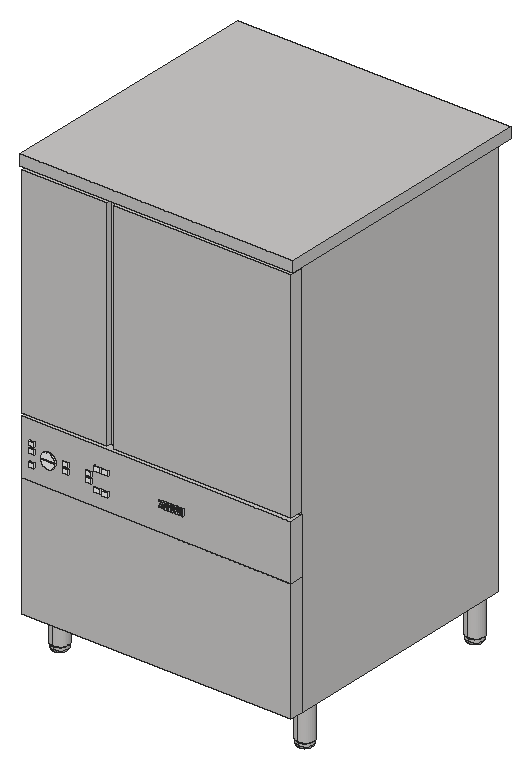
Revit family "QF_ELECTROLUXPROFESSIONAL_727897_RBC102", category Specialty Equipment, Revit 2018 (continued)
Definition of nested family "ZAN_Logo_S_Grey"
  Forms (mm)
    Extrusion 2, solid
      sketch origin (17.793, -46.218, 0) x (-1, 0, 0) y (0, -1, 0)
        loop
          spline (-7.405, -50.64) -> (-7.41, -51.031) -> (-7.423, -51.432) -> (-7.44, -51.839) -> (-7.456, -52.251) -> (-7.469, -52.665) -> (-7.475, -53.079) -> (-7.468, -53.489) -> (-7.446, -53.894) -> (-7.404, -54.291) -> (-7.339, -54.679) -> (-7.247, -55.053) -> (-7.123, -55.412)
          spline (-7.123, -55.412) -> (-6.999, -55.693) -> (-6.837, -55.97) -> (-6.643, -56.244) -> (-6.422, -56.509) -> (-6.177, -56.765) -> (-5.913, -57.009) -> (-5.634, -57.238) -> (-5.346, -57.45) -> (-5.051, -57.643) -> (-4.755, -57.814) -> (-4.462, -57.96) -> (-4.176, -58.079)
        loop
          spline (-21.021, -55.552) -> (-20.633, -56.181) -> (-20.177, -56.736) -> (-19.661, -57.217) -> (-19.092, -57.627) -> (-18.478, -57.966) -> (-17.827, -58.237) -> (-17.147, -58.441) -> (-16.446, -58.578) -> (-15.73, -58.652) -> (-15.009, -58.662) -> (-14.29, -58.611) -> (-13.581, -58.5)
          spline (-13.581, -58.5) -> (-13.088, -58.407) -> (-12.595, -58.269) -> (-12.109, -58.088) -> (-11.636, -57.866) -> (-11.183, -57.605) -> (-10.756, -57.307) -> (-10.361, -56.974) -> (-10.004, -56.608) -> (-9.692, -56.211) -> (-9.431, -55.784) -> (-9.228, -55.33) -> (-9.089, -54.851)
          spline (-9.089, -54.851) -> (-8.873, -54.211) -> (-8.715, -53.559) -> (-8.615, -52.901) -> (-8.574, -52.241) -> (-8.592, -51.585) -> (-8.668, -50.938) -> (-8.802, -50.306) -> (-8.995, -49.693) -> (-9.247, -49.106) -> (-9.557, -48.55) -> (-9.925, -48.03) -> (-10.352, -47.551)
          line (-10.352, -47.551) -> (-15.546, -42.919) -> (-16.669, -41.234)
          spline (-16.669, -41.234) -> (-16.704, -41.021) -> (-16.735, -40.804) -> (-16.761, -40.583) -> (-16.778, -40.361) -> (-16.784, -40.139) -> (-16.774, -39.919) -> (-16.748, -39.701) -> (-16.7, -39.488) -> (-16.63, -39.28) -> (-16.533, -39.08) -> (-16.406, -38.889) -> (-16.248, -38.708)
          line (-16.248, -38.708) -> (-14.844, -38.427)
          spline (-14.844, -38.427) -> (-14.347, -38.545) -> (-13.969, -38.749) -> (-13.695, -39.028) -> (-13.508, -39.368) -> (-13.393, -39.757) -> (-13.335, -40.182) -> (-13.318, -40.63) -> (-13.326, -41.089) -> (-13.344, -41.546) -> (-13.356, -41.988) -> (-13.347, -42.403) -> (-13.3, -42.779)
          line (-13.3, -42.779) -> (-8.387, -42.638)
          spline (-8.387, -42.638) -> (-8.326, -42.034) -> (-8.288, -41.417) -> (-8.277, -40.794) -> (-8.299, -40.169) -> (-8.357, -39.548) -> (-8.457, -38.936) -> (-8.604, -38.339) -> (-8.803, -37.762) -> (-9.058, -37.21) -> (-9.375, -36.689) -> (-9.758, -36.204) -> (-10.212, -35.76)
          spline (-10.212, -35.76) -> (-10.793, -35.336) -> (-11.409, -34.976) -> (-12.054, -34.679) -> (-12.723, -34.445) -> (-13.409, -34.273) -> (-14.107, -34.163) -> (-14.811, -34.115) -> (-15.515, -34.127) -> (-16.213, -34.2) -> (-16.899, -34.333) -> (-17.568, -34.526) -> (-18.213, -34.777)
          spline (-18.213, -34.777) -> (-18.496, -34.897) -> (-18.783, -35.044) -> (-19.071, -35.216) -> (-19.357, -35.412) -> (-19.639, -35.629) -> (-19.915, -35.865) -> (-20.182, -36.119) -> (-20.438, -36.389) -> (-20.681, -36.672) -> (-20.907, -36.967) -> (-21.115, -37.272) -> (-21.301, -37.585)
          spline (-21.301, -37.585) -> (-21.55, -38.26) -> (-21.734, -38.948) -> (-21.854, -39.647) -> (-21.91, -40.351) -> (-21.901, -41.057) -> (-21.828, -41.761) -> (-21.69, -42.459) -> (-21.489, -43.148) -> (-21.222, -43.823) -> (-20.892, -44.48) -> (-20.497, -45.116) -> (-20.038, -45.726)
          line (-20.038, -45.726) -> (-14.142, -51.061) -> (-13.44, -52.886) -> (-14.002, -54.289) -> (-15.265, -54.57) -> (-16.669, -53.587) -> (-16.81, -50.78) -> (-21.582, -50.64)
          spline (-21.582, -50.64) -> (-21.558, -51.063) -> (-21.55, -51.491) -> (-21.554, -51.92) -> (-21.561, -52.35) -> (-21.567, -52.778) -> (-21.565, -53.201) -> (-21.547, -53.619) -> (-21.509, -54.029) -> (-21.444, -54.43) -> (-21.345, -54.818) -> (-21.206, -55.193) -> (-21.021, -55.552)
        loop
          line (-22.424, -34.216) -> (-27.337, -34.216) -> (-27.337, -58.22) -> (-22.424, -58.22) -> (-22.424, -34.216)
        loop
          line (14.213, -39.971) -> (14.213, -58.22) -> (19.126, -58.22) -> (19.126, -42.077) -> (18.845, -38.146) -> (18.424, -37.164) -> (17.442, -35.9) -> (16.459, -35.199) -> (14.494, -34.356) -> (13.511, -34.216) -> (11.265, -34.216) -> (10.142, -34.497) -> (8.458, -35.479) -> (6.493, -38.287) -> (6.352, -39.269) -> (6.352, -58.22) -> (11.265, -58.22) -> (11.265, -40.392) -> (11.827, -39.129) -> (13.371, -38.988) -> (14.213, -39.971)
        loop
          line (20.249, -58.22) -> (24.741, -58.22) -> (24.741, -42.919) -> (28.812, -58.22) -> (34.006, -58.22) -> (34.006, -34.216) -> (29.654, -34.216) -> (29.654, -50.078) -> (25.583, -34.216) -> (20.249, -34.216) -> (20.249, -58.22)
        loop
          line (50.149, -58.22) -> (62.361, -58.22) -> (62.361, -53.728) -> (55.904, -53.868) -> (62.923, -39.129) -> (62.923, -34.216) -> (50.149, -34.216) -> (50.149, -39.129) -> (57.517, -39.129) -> (50.149, -54.149) -> (50.149, -58.22)
        loop
          line (38.778, -58.22) -> (45.516, -58.22) -> (49.868, -34.216) -> (44.814, -34.216) -> (44.113, -38.848) -> (40.042, -38.848) -> (39.34, -34.216) -> (34.286, -34.216) -> (38.778, -58.22)
        loop
          line (43.551, -43.2) -> (40.744, -43.2) -> (42.147, -54.117) -> (43.551, -43.2)
      from 0 to 1.644
  Dimensions and locks
    aligned and locked: plane 2 to Extrusion 1
    aligned and locked: level to Extrusion 1
